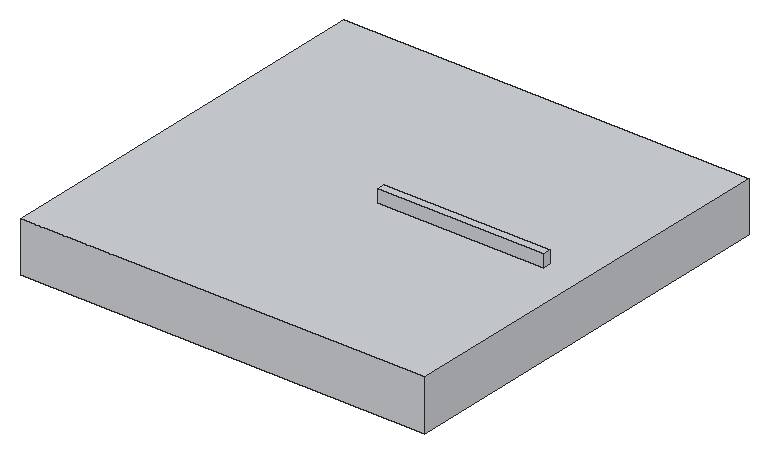
Revit family "REGA 50 SUSP PLAF", category Luminaires, Revit 2021
Family settings
  Hôte = Face
  Cote de connecteur circulaire = Utiliser le diamètre
  Type d'élément = Normal
  Couper avec des vides une fois chargée = Oui
  Source d'éclairage = Oui
  Partagée = Non
  Point de calcul de pièce = Oui
Parameters (values of type "727006")
  nbr poles = 1  # constant formula
  longueur = 1000 mm  # constant formula
  largeur = 50 mm  # constant formula
  indice de charge = Eclairage
  hauteur = 75 mm  # constant formula
  URL = "https://www.resistex-sa.com/fr/rega-50-2337lm-3000k-1050.html"
  Tension = 230 V  # constant formula
  built-in parameter 1150107 = 3000 (stored number, unit not read)
  Wattage = 27.9 W
  built-in parameter 1150110 = 1 (stored number, unit not read)
  built-in parameter 1150109 = 1 (stored number, unit not read)
  built-in parameter 1114218 = 1 (stored number, unit not read)
  built-in parameter 1150113 = 1 (stored number, unit not read)
  built-in parameter 1150112 = 1 (stored number, unit not read)
  built-in parameter 1150137 = (empty or 0)
  built-in parameter 1150132 = (empty or 0)
  Modèle = "REGA 50 SUSP PLAF"
  built-in parameter 1150105 = 5188.6 (stored number, unit not read)
  built-in parameter 1150102 = (empty or 0)
  Type Image = (empty or 0)
  IP = "IP 40"
  IK = "IK 07"
  Gradation des changements de température de couleur de lampe = <Aucun>
  Garantie = "5 ans"
  Lumens = 65202.3 lm
  Color Filter = 16777215
  Fichier de distribution photométrique = "REGA_727006_LD.ies"
  built-in parameter 1114217 = 1 (stored number, unit not read)
  built-in parameter 1150139 = (empty or 0)
  Fabricant = "Resistex"  # constant formula
  Emit from Line Length = 609.6 mm
  Default Elevation = 1219.2 mm
  built-in parameter 1150104 = 217.11 (stored number, unit not read)
  built-in parameter 1150106 = 51.886 (stored number, unit not read)
  built-in parameter 1150115 = 1 (stored number, unit not read)
  built-in parameter 1150114 = 1 (stored number, unit not read)
  Description = "Luminaire ligne continue sur mesure, longueur adaptée au projet\r\nLuminaire lineaire équipé de LEDs SMD\r\nIP 40, IK 07\r\nLarg. 50mm x Long. 1000mm x Haut. 75mm\r\nFlux restitué 2337lm\r\nConso. système 27.9W\r\nEfficacité lumineuse produit complet 83.7lm/W\r\nLM80 L90F10 à 72000h (25°C)\r\nSVM <.09\r\nPstLM <1\r\nDiffuseur Polycarbonate Direct/Symétrique Opalescent, Corps en Aluminium extrudé\r\nIRC >80\r\nGarantie 5 ans\r\nEmpreinte carbone 2.51gCO2/h\r\nIndice de réparabilité 9,1"
  built-in parameter 1150138 = (empty or 0)
  built-in parameter 1150134 = (empty or 0)
  Commentaires relatifs à la puissance = "27.9"
  Apparent Load = 48.94 VA
  Tilt Angle = 60.00°
  built-in parameter 1150133 = 10 (stored number, unit not read)
Types (4, lengths in mm): name | URL | built-in parameter 1150107 | Wattage | Modèle | built-in parameter 1150105 | Lumens | Fichier de distribution photométrique | built-in parameter 1150104 | built-in parameter 1150106 | Description | built-in parameter 1150134 | Commentaires relatifs à la puissance | Apparent Load
  (no name) | "https://www.resistex-sa.com/fr/rega-50-2337lm-3000k-1050.html" | 3000 (stored number, unit not read) | 27.9 W | "REGA 50 SUSP PLAF" | 5188.6 (stored number, unit not read) | 65202.3 lm | "REGA_727006_LD.ies" | 217.11 (stored number, unit not read) | 51.886 (stored number, unit not read) | "Luminaire ligne continue sur mesure, longueur adaptée au projet\r\nLuminaire lineaire équipé de LEDs SMD\r\nIP 40, IK 07\r\nLarg. 50mm x Long. 1000mm x Haut. 75mm\r\nFlux restitué 2337lm\r\nConso. système 27.9W\r\nEfficacité lumineuse produit complet 83.7lm/W\r\nLM80 L90F10 à 72000h (25°C)\r\nSVM <.09\r\nPstLM <1\r\nDiffuseur Polycarbonate Direct/Symétrique Opalescent, Corps en Aluminium extrudé\r\nIRC >80\r\nGarantie 5 ans\r\nEmpreinte carbone 2.51gCO2/h\r\nIndice de réparabilité 9,1" | (empty or 0) | "27.9" | 48.94 VA
  727006 | "https://www.resistex-sa.com/fr/rega-50-2337lm-3000k-1050.html" | 3000 (stored number, unit not read) | 27.9 W | "REGA 50 SUSP PLAF" | 5188.6 (stored number, unit not read) | 65202.3 lm | "REGA_727006_LD.ies" | 217.11 (stored number, unit not read) | 51.886 (stored number, unit not read) | "Luminaire ligne continue sur mesure, longueur adaptée au projet\r\nLuminaire lineaire équipé de LEDs SMD\r\nIP 40, IK 07\r\nLarg. 50mm x Long. 1000mm x Haut. 75mm\r\nFlux restitué 2337lm\r\nConso. système 27.9W\r\nEfficacité lumineuse produit complet 83.7lm/W\r\nLM80 L90F10 à 72000h (25°C)\r\nSVM <.09\r\nPstLM <1\r\nDiffuseur Polycarbonate Direct/Symétrique Opalescent, Corps en Aluminium extrudé\r\nIRC >80\r\nGarantie 5 ans\r\nEmpreinte carbone 2.51gCO2/h\r\nIndice de réparabilité 9,1" | (empty or 0) | "27.9" | 48.94 VA
  727007 | "https://www.resistex-sa.com/fr/rega-50-2434lm-4000k-1051.html" | 4000 (stored number, unit not read) | 29.1 W | "REGA 50 SUSP PLAF" | 5636.4 (stored number, unit not read) | 70829.4 lm | "REGA_727007_LD.ies" | 226.13 (stored number, unit not read) | 56.364 (stored number, unit not read) | "Luminaire ligne continue sur mesure, longueur adaptée au projet\r\nLuminaire lineaire équipé de LEDs SMD\r\nIP 40, IK 07\r\nLarg. 50mm x Long. 1000mm x Haut. 75mm\r\nFlux restitué 2434lm\r\nConso. système 29.1W\r\nEfficacité lumineuse produit complet 83.6lm/W\r\nLM80 L90F10 à 72000h (25°C)\r\nSVM <0.9\r\nPstLM <1\r\nDiffuseur Polycarbonate Direct/Symétrique Opalescent, Corps en Aluminium extrudé\r\nIRC 84\r\nGarantie 5 ans\r\nEmpreinte carbone 2.61gCO2/h\r\nIndice de réparabilité 9,1" | 12 | "29.1" | 51.05 VA
  727008 | "https://www.resistex-sa.com/fr/rega-50-tw-2434lm-2700-6000k-1052.html" | 4000 (stored number, unit not read) | 29.1 W | "REGA 50 SUSP PLAF TUNABLE WHITE" | 5636.4 (stored number, unit not read) | 70829.4 lm | "REGA_727008_LD.ies" | 226.13 (stored number, unit not read) | 56.364 (stored number, unit not read) | "Luminaire ligne continue sur mesure, longueur adaptée au projet\r\nLuminaire lineaire équipé de LEDs SMD\r\nIP 40, IK 07\r\nLarg. 50mm x Long. 1000mm x Haut. 75mm\r\nFlux restitué 2434lm à 4000K\r\nConso. système 29.1W\r\nEfficacité lumineuse produit complet 83.6lm/W\r\nLM80 L90F10 à 72000h (25°C)\r\nSVM <0.9\r\nPstLM <1\r\nDiffuseur Polycarbonate Direct/Symétrique Opalescent, Corps en Aluminium extrudé\r\nIRC 84 à 4000K\r\nGarantie 5 ans\r\nEmpreinte carbone 2.61gCO2/h\r\nIndice de réparabilité 9,1" | 12 | "29.21" | 51.05 VA
Reference planes
  plane 1 "Centre (avant/arrière)": y = 0
  plane 2: z = 0
  plane 3 "Centre (gauche/droite)": x = 0
  plane 4: x = 500
  plane 5: x = 1000
  plane 6: y = -25
  plane 7: y = -50
Forms (mm)
  Extrusion 1, solid
    sketch origin (0, 0, 0) x (1, 0, 0) y (0, 1, 0)
      loop
        line (-1219.2, 1219.2) -> (-1219.2, -1219.2) -> (1219.2, -1219.2) -> (1219.2, 1219.2) -> (-1219.2, 1219.2)
    from 0 to -304.8
  Extrusion 2, solid
    sketch origin (0, 0, 0) x (1, 0, 0) y (0, 1, 0)
      loop
        line (1000, 0) -> (0, 0) -> (0, -50) -> (1000, -50) -> (1000, 0)
    from 0 to 75 <- "hauteur"
Dimensions and locks
  equal spacing: plane 3 "Centre (gauche/droite)", plane 4, plane 5
  equal spacing: plane 7, plane 6, plane 1 "Centre (avant/arrière)"
  "longueur": plane 3 "Centre (gauche/droite)" to plane 5
  "largeur": plane 1 "Centre (avant/arrière)" to plane 7
  aligned and locked: plane 2 to Extrusion 1
  aligned and locked: level to Extrusion 1
  aligned and locked: Extrusion 2 sketch curve to plane 1 "Centre (avant/arrière)"
  aligned and locked: Extrusion 2 sketch curve to plane 7
  aligned and locked: Extrusion 2 sketch curve to plane 3 "Centre (gauche/droite)"
Automatic sketch dimensions
  Extrusion 1 sketch curve to Extrusion 1 sketch curve = 2438.4 mm  (x2)
  Extrusion 2 sketch curve to plane 5 = 0 mm
Connectors
  electrical at (500, -25, 0), driven by "nbr poles", driven by "indice de charge", driven by "Tension", driven by "Apparent Load"
    settings: on Extrusion 2, index 1, voltage 230 V, apparent load 48.94 VA, apparent load phase1 0 VA, apparent load phase2 0 VA, apparent load phase3 0 VA, power factor 1, load classification "Eclairage", number of poles 1, system type 30, power factor state 1, is connector primary yes, connector utility no, sub classification motor no, connector description ""
